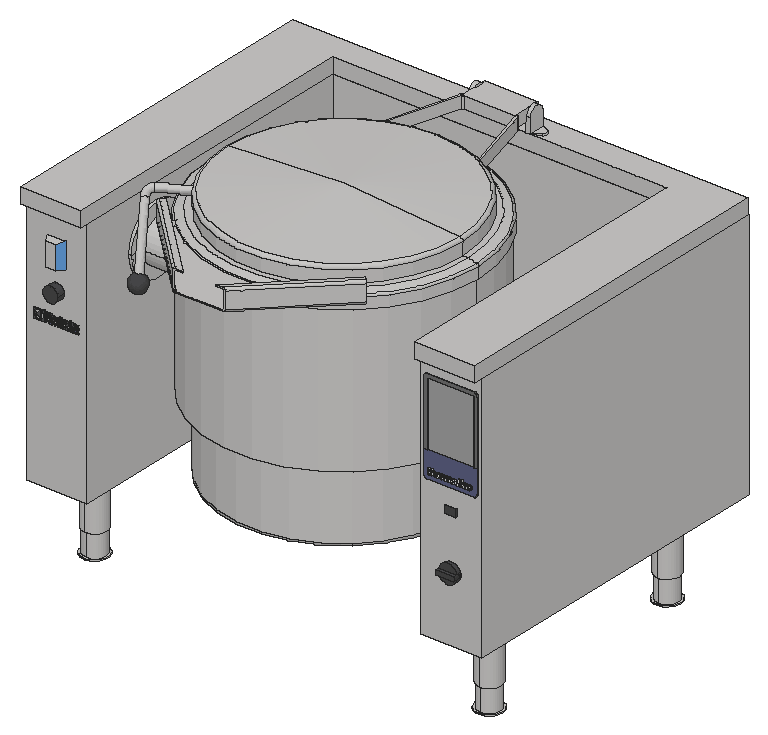
Revit family "QF_ELECTROLUXPROFESSIONAL_587102_PBOT10ECIO", category Attrezzature speciali, Revit 2020 (continued)
Definition of nested family "QF_ELECTROLUXPROFESSIONAL_PBOT900_LEFT"
  Automatic sketch dimensions
    Extrusion 5 sketch curve to plane 10 "TOP" = 290.598 mm
    Extrusion 5 sketch curve to Extrusion 5 sketch curve = 1.476 mm
    Extrusion 5 sketch curve to plane 10 "TOP" = 294.635 mm
    Extrusion 5 sketch curve to Extrusion 5 sketch curve = 1.469 mm
    Extrusion 5 sketch curve to Extrusion 5 sketch curve = 3.728 mm
    Extrusion 5 sketch curve to Extrusion 5 sketch curve = 0.046 mm
    Extrusion 5 sketch curve to Extrusion 5 sketch curve = 0.177 mm
    Extrusion 5 sketch curve to Extrusion 5 sketch curve = 0.947 mm
    Extrusion 5 sketch curve to Extrusion 5 sketch curve = 0.308 mm
    Extrusion 5 sketch curve to Extrusion 5 sketch curve = 0.091 mm
    Extrusion 5 sketch curve to Extrusion 5 sketch curve = 2.375 mm
    Extrusion 5 sketch curve to Extrusion 5 sketch curve = 0.94 mm
    Extrusion 5 sketch curve to Extrusion 5 sketch curve = 0.54 mm
    Extrusion 5 sketch curve to Extrusion 5 sketch curve = 0.102 mm
    Extrusion 5 sketch curve to Extrusion 5 sketch curve = 0.002 mm  (x4)
    Extrusion 5 sketch curve to Extrusion 5 sketch curve = 0.105 mm
    Extrusion 5 sketch curve to Extrusion 5 sketch curve = 0.097 mm
    Extrusion 5 sketch curve to Extrusion 5 sketch curve = 3.982 mm
    Extrusion 5 sketch curve to Extrusion 5 sketch curve = 0.17 mm
    Extrusion 5 sketch curve to Extrusion 5 sketch curve = 6.49 mm
    Extrusion 5 sketch curve to Extrusion 5 sketch curve = 1.777 mm
    Extrusion 5 sketch curve to plane 10 "TOP" = 296.072 mm
    Extrusion 5 sketch curve to Extrusion 5 sketch curve = 0.63 mm
    Extrusion 5 sketch curve to Extrusion 5 sketch curve = 1.001 mm
    Extrusion 5 sketch curve to plane 10 "TOP" = 294.678 mm
    Extrusion 5 sketch curve to Extrusion 5 sketch curve = 1.393 mm
    Extrusion 5 sketch curve to Extrusion 5 sketch curve = 2.363 mm
    Extrusion 5 sketch curve to Extrusion 5 sketch curve = 2.253 mm
    Extrusion 5 sketch curve to Extrusion 5 sketch curve = 0.014 mm  (x4)
    Extrusion 5 sketch curve to Extrusion 5 sketch curve = 0.172 mm
    Extrusion 5 sketch curve to Extrusion 5 sketch curve = 0.096 mm
    Extrusion 5 sketch curve to Extrusion 5 sketch curve = 0.164 mm
    Extrusion 5 sketch curve to Extrusion 5 sketch curve = 0.298 mm
    Extrusion 5 sketch curve to Extrusion 5 sketch curve = 0.247 mm
    Extrusion 5 sketch curve to Extrusion 5 sketch curve = 0.084 mm
    Extrusion 5 sketch curve to Extrusion 5 sketch curve = 6.484 mm
    Extrusion 5 sketch curve to Extrusion 5 sketch curve = 2.596 mm
    Extrusion 5 sketch curve to Extrusion 5 sketch curve = 0.059 mm  (x2)
    Extrusion 5 sketch curve to Extrusion 5 sketch curve = 3.889 mm
    Extrusion 5 sketch curve to plane 10 "TOP" = 307.979 mm
    Extrusion 5 sketch curve to Extrusion 5 sketch curve = 6.029 mm
    Extrusion 5 sketch curve to plane 10 "TOP" = 305.988 mm
    Extrusion 5 sketch curve to Extrusion 5 sketch curve = 0.929 mm
    Extrusion 5 sketch curve to Extrusion 5 sketch curve = 1.102 mm
    Extrusion 5 sketch curve to Extrusion 5 sketch curve = 0.756 mm  (x2)
    Extrusion 5 sketch curve to plane 10 "TOP" = 306.353 mm
    Extrusion 5 sketch curve to Extrusion 5 sketch curve = 0.852 mm
    Extrusion 5 sketch curve to Extrusion 5 sketch curve = 0.108 mm
    Extrusion 5 sketch curve to Extrusion 5 sketch curve = 0.101 mm
    Extrusion 5 sketch curve to Extrusion 5 sketch curve = 0.072 mm
    Extrusion 5 sketch curve to Extrusion 5 sketch curve = 1.67 mm
    Extrusion 5 sketch curve to Extrusion 5 sketch curve = 1.834 mm
    Extrusion 5 sketch curve to Extrusion 5 sketch curve = 0.366 mm
    Extrusion 5 sketch curve to Extrusion 5 sketch curve = 0.993 mm
    Extrusion 5 sketch curve to Extrusion 5 sketch curve = 0.81 mm
    Extrusion 5 sketch curve to Extrusion 5 sketch curve = 1.026 mm  (x2)
    Extrusion 5 sketch curve to Extrusion 5 sketch curve = 4.272 mm
    Extrusion 5 sketch curve to Extrusion 5 sketch curve = 0.163 mm
    Extrusion 5 sketch curve to Extrusion 5 sketch curve = 0.551 mm
    Extrusion 5 sketch curve to Extrusion 5 sketch curve = 6.11 mm
    Extrusion 5 sketch curve to Extrusion 5 sketch curve = 1.451 mm
    Extrusion 5 sketch curve to Extrusion 5 sketch curve = 5.217 mm
    Extrusion 5 sketch curve to Extrusion 5 sketch curve = 0.045 mm  (x2)
    Extrusion 5 sketch curve to Extrusion 5 sketch curve = 0.241 mm
    Extrusion 5 sketch curve to Extrusion 5 sketch curve = 0.039 mm
    Extrusion 5 sketch curve to Extrusion 5 sketch curve = 1.134 mm
    Extrusion 5 sketch curve to Extrusion 5 sketch curve = 2.351 mm
    Extrusion 5 sketch curve to Extrusion 5 sketch curve = 3.993 mm
    Extrusion 5 sketch curve to Extrusion 5 sketch curve = 10.128 mm
    Extrusion 5 sketch curve to Extrusion 5 sketch curve = 0.956 mm
    Extrusion 5 sketch curve to Extrusion 5 sketch curve = 1.263 mm
    Extrusion 5 sketch curve to Extrusion 5 sketch curve = 2.577 mm
    Extrusion 5 sketch curve to Extrusion 5 sketch curve = 0.243 mm
    Extrusion 5 sketch curve to Extrusion 5 sketch curve = 0.031 mm
    Extrusion 5 sketch curve to Extrusion 5 sketch curve = 7.148 mm
    Extrusion 5 sketch curve to Extrusion 5 sketch curve = 1.502 mm
    Extrusion 5 sketch curve to Extrusion 5 sketch curve = 11.54 mm
    Extrusion 5 sketch curve to Extrusion 5 sketch curve = 11.758 mm
    Extrusion 5 sketch curve to Extrusion 5 sketch curve = 4.097 mm
    Extrusion 5 sketch curve to Extrusion 5 sketch curve = 0.011 mm
    Extrusion 5 sketch curve to Extrusion 5 sketch curve = 4.488 mm
    Extrusion 5 sketch curve to Extrusion 5 sketch curve = 11.908 mm
    Extrusion 5 sketch curve to Extrusion 5 sketch curve = 2.236 mm
    Extrusion 5 sketch curve to Extrusion 5 sketch curve = 0.22 mm
    Extrusion 5 sketch curve to Extrusion 5 sketch curve = 0.319 mm
    Extrusion 5 sketch curve to Extrusion 5 sketch curve = 1.192 mm
    Extrusion 5 sketch curve to Extrusion 5 sketch curve = 3.577 mm  (x2)
    Extrusion 5 sketch curve to Extrusion 5 sketch curve = 3.444 mm  (x2)
    Extrusion 5 sketch curve to Extrusion 5 sketch curve = 1.626 mm  (x2)
    Extrusion 5 sketch curve to Extrusion 5 sketch curve = 2.021 mm
    Extrusion 5 sketch curve to Extrusion 5 sketch curve = 2.967 mm
    Extrusion 5 sketch curve to Extrusion 5 sketch curve = 1.22 mm
    Extrusion 5 sketch curve to Extrusion 5 sketch curve = 3.412 mm
    Extrusion 5 sketch curve to Extrusion 5 sketch curve = 0.892 mm  (x3)
    Extrusion 5 sketch curve to Extrusion 5 sketch curve = 0.58 mm  (x2)
    Extrusion 5 sketch curve to Extrusion 5 sketch curve = 2.117 mm
    Extrusion 5 sketch curve to Extrusion 5 sketch curve = 0.295 mm  (x2)
    Extrusion 5 sketch curve to Extrusion 5 sketch curve = 0.618 mm
    Extrusion 5 sketch curve to Extrusion 5 sketch curve = 1.65 mm
    Extrusion 5 sketch curve to Extrusion 5 sketch curve = 1.662 mm
    Extrusion 5 sketch curve to Extrusion 5 sketch curve = 0.013 mm  (x2)
    Extrusion 5 sketch curve to Extrusion 5 sketch curve = 0.292 mm
    Extrusion 5 sketch curve to Extrusion 5 sketch curve = 0.107 mm  (x2)
    Extrusion 5 sketch curve to Extrusion 5 sketch curve = 0.068 mm  (x2)
    Extrusion 5 sketch curve to Extrusion 5 sketch curve = 2.361 mm
    Extrusion 5 sketch curve to Extrusion 5 sketch curve = 2.359 mm
    Extrusion 5 sketch curve to Extrusion 5 sketch curve = 0.531 mm  (x2)
    Extrusion 5 sketch curve to Extrusion 5 sketch curve = 0.928 mm  (x2)
    Extrusion 5 sketch curve to Extrusion 5 sketch curve = 1.058 mm
    Extrusion 5 sketch curve to Extrusion 5 sketch curve = 0.297 mm  (x2)
    Extrusion 5 sketch curve to Extrusion 5 sketch curve = 0.155 mm  (x2)
    Extrusion 5 sketch curve to Extrusion 5 sketch curve = 0.182 mm  (x2)
    Extrusion 5 sketch curve to Extrusion 5 sketch curve = 0.607 mm  (x2)
    Extrusion 5 sketch curve to Extrusion 5 sketch curve = 0.372 mm  (x2)
    Extrusion 5 sketch curve to Extrusion 5 sketch curve = 0.016 mm  (x2)
    Extrusion 5 sketch curve to Extrusion 5 sketch curve = 0.996 mm
    Extrusion 5 sketch curve to Extrusion 5 sketch curve = 0.93 mm
    Extrusion 5 sketch curve to Extrusion 5 sketch curve = 0.709 mm  (x2)
    Extrusion 5 sketch curve to Extrusion 5 sketch curve = 1.017 mm
    Extrusion 5 sketch curve to Extrusion 5 sketch curve = 4.718 mm
    Extrusion 5 sketch curve to Extrusion 5 sketch curve = 0.891 mm
    Extrusion 5 sketch curve to Extrusion 5 sketch curve = 3.826 mm
    Extrusion 5 sketch curve to Extrusion 5 sketch curve = 0.954 mm
    Extrusion 5 sketch curve to Extrusion 5 sketch curve = 5.576 mm
    Extrusion 5 sketch curve to Extrusion 5 sketch curve = 5.661 mm  (x2)
    Extrusion 5 sketch curve to Extrusion 5 sketch curve = 0.006 mm
    Extrusion 5 sketch curve to Extrusion 5 sketch curve = 2.203 mm
    Extrusion 5 sketch curve to Extrusion 5 sketch curve = 2.21 mm
    Extrusion 5 sketch curve to Extrusion 5 sketch curve = 1.607 mm
    Extrusion 5 sketch curve to Extrusion 5 sketch curve = 3.92 mm
    Extrusion 5 sketch curve to Extrusion 5 sketch curve = 0.05 mm
    Extrusion 5 sketch curve to Extrusion 5 sketch curve = 1.776 mm
    Extrusion 5 sketch curve to Extrusion 5 sketch curve = 4.017 mm
    Extrusion 5 sketch curve to Extrusion 5 sketch curve = 0.196 mm  (x2)
    Extrusion 5 sketch curve to Extrusion 5 sketch curve = 0.19 mm
    Extrusion 5 sketch curve to Extrusion 5 sketch curve = 1.312 mm
    Extrusion 5 sketch curve to Extrusion 5 sketch curve = 0.146 mm
    Extrusion 5 sketch curve to Extrusion 5 sketch curve = 2.831 mm
    Extrusion 5 sketch curve to Extrusion 5 sketch curve = 0.387 mm
    Extrusion 5 sketch curve to Extrusion 5 sketch curve = 0.174 mm
    Extrusion 5 sketch curve to Extrusion 5 sketch curve = 4.623 mm
    Extrusion 5 sketch curve to Extrusion 5 sketch curve = 1.754 mm
    Extrusion 5 sketch curve to Extrusion 5 sketch curve = 0.188 mm
    Extrusion 5 sketch curve to Extrusion 5 sketch curve = 0.02 mm
    Extrusion 5 sketch curve to Extrusion 5 sketch curve = 0.313 mm
    Extrusion 5 sketch curve to Extrusion 5 sketch curve = 0.12 mm
    Extrusion 5 sketch curve to Extrusion 5 sketch curve = 0.062 mm
    Extrusion 5 sketch curve to Extrusion 5 sketch curve = 0.568 mm
    Extrusion 5 sketch curve to Extrusion 5 sketch curve = 0.095 mm
    Extrusion 5 sketch curve to Extrusion 5 sketch curve = 0.357 mm
    Extrusion 5 sketch curve to Extrusion 5 sketch curve = 0.008 mm
    Extrusion 5 sketch curve to Extrusion 5 sketch curve = 0.36 mm
    Extrusion 5 sketch curve to Extrusion 5 sketch curve = 3.784 mm
    Extrusion 5 sketch curve to Extrusion 5 sketch curve = 1.654 mm
    Extrusion 5 sketch curve to Extrusion 5 sketch curve = 1.454 mm
    Extrusion 5 sketch curve to Extrusion 5 sketch curve = 3.429 mm
    Extrusion 5 sketch curve to Extrusion 5 sketch curve = 1.094 mm
    Extrusion 5 sketch curve to Extrusion 5 sketch curve = 2.218 mm
    Extrusion 5 sketch curve to Extrusion 5 sketch curve = 1.404 mm
    Extrusion 5 sketch curve to Extrusion 5 sketch curve = 5.959 mm
    Extrusion 5 sketch curve to Extrusion 5 sketch curve = 1.424 mm
    Extrusion 5 sketch curve to Extrusion 5 sketch curve = 3.23 mm
    Extrusion 5 sketch curve to Extrusion 5 sketch curve = 1.975 mm
    Extrusion 5 sketch curve to Extrusion 5 sketch curve = 3.779 mm
    Extrusion 5 sketch curve to Extrusion 5 sketch curve = 2.212 mm
    Extrusion 5 sketch curve to Extrusion 5 sketch curve = 3.78 mm
    Extrusion 5 sketch curve to Extrusion 5 sketch curve = 1.279 mm
    Extrusion 5 sketch curve to Extrusion 5 sketch curve = 1.343 mm  (x2)
    Extrusion 5 sketch curve to Extrusion 5 sketch curve = 1.353 mm  (x2)
    Extrusion 5 sketch curve to Extrusion 5 sketch curve = 0.027 mm  (x2)
    Extrusion 5 sketch curve to Extrusion 5 sketch curve = 0.395 mm  (x2)
    Extrusion 5 sketch curve to Extrusion 5 sketch curve = 0.329 mm  (x2)
    Extrusion 5 sketch curve to Extrusion 5 sketch curve = 0.425 mm  (x2)
    Extrusion 5 sketch curve to Extrusion 5 sketch curve = 0.051 mm  (x2)
    Extrusion 5 sketch curve to Extrusion 5 sketch curve = 0.495 mm  (x2)
    Extrusion 5 sketch curve to Extrusion 5 sketch curve = 0.267 mm  (x2)
    Extrusion 5 sketch curve to Extrusion 5 sketch curve = 1.4 mm
    Extrusion 5 sketch curve to Extrusion 5 sketch curve = 5.233 mm
    Extrusion 5 sketch curve to Extrusion 5 sketch curve = 2.062 mm
    Extrusion 6 sketch curve to plane 13 "HW_CW" = 0.0 mm  (x2)
    Extrusion 6 sketch curve to plane 15 = 0.0 mm
    Extrusion 6 sketch curve to plane 14 = 0.0 mm
    radius of Extrusion 2 sketch curve = 20.0 mm
    radius of Extrusion 3 sketch curve = 6.35 mm  (x2)
    radius of Extrusion 5 sketch curve = 2.453 mm
    radius of Extrusion 5 sketch curve = 1.557 mm
    radius of Extrusion 5 sketch curve = 1.468 mm
    radius of Extrusion 5 sketch curve = 2.451 mm
    radius of Extrusion 6 sketch curve = 5.0 mm  (x2)
Definition of nested family "QF_ELECTROLUXPROFESSIONAL_PBOT900_RIGHT"
  Parameters
    Width = 160.0 mm
    Right = Width / 2  # 80.0 mm
    Default Elevation = 0.0 mm
    Left = -Width / 2  # -80.0 mm
    Htop = 40.0 mm
    Height = 900.0 mm
    HBase = 200.0 mm
    EI_z = 250.0 mm
    EI_y = 239.0 mm
    Depth = 900.0 mm
    BorderFront = 20.0 mm
    Body Finish [instance] = none
  Reference planes
    plane 1 "Center (Front/Back)": y = 0
    plane 2: z = 0
    plane 3 "Center (Left/Right)": x = 0
    plane 4 "LEFT": x = -80
    plane 5 "RIGHT": x = 80
    plane 6 "BACK": y = 450
    plane 7 "FRONT": y = -450
    plane 8 "Base": z = 200
    plane 9 "TOP": z = 900
    plane 10 "BorderFront": y = -430
    plane 11: z = 860
    plane 12 "EI": z = 450
    plane 13: y = 211
  Forms (mm)
    Extrusion 1, solid
      sketch origin (0, 0, 0) x (1, 0, 0) y (0, 1, 0)
        loop
          line (-80, 450) -> (-80, -430) -> (80, -430) -> (80, 450) -> (-80, 450)
      from 860 to 200
    Extrusion 2, solid
      sketch origin (0, -430, 0) x (-1, 0, 0) y (0, 0, 1)
        loop
          line (59.714, 823.989) -> (-61.821, 823.989)
          arc (-61.821, 823.989) -> (-68.892, 821.06) -> (-71.821, 813.989) r 10
          line (-71.821, 813.989) -> (-71.821, 644.744) -> (-61.821, 644.744) -> (-61.821, 813.989) -> (59.714, 813.989) -> (59.714, 644.744) -> (69.714, 644.744) -> (69.714, 813.989)
          arc (69.714, 813.989) -> (66.786, 821.06) -> (59.714, 823.989) r 10
      from 0 to -3
    Extrusion 3, solid
      sketch origin (0, -430, 0) x (-1, 0, 0) y (0, 0, 1)
        loop
          circle (0, 375.28) r 25
      from 0 to -10
    Extrusion 4, solid
      sketch origin (0, -430, 0) x (-1, 0, 0) y (0, 0, 1)
        loop
          line (24.382, 380.806) -> (-24.382, 380.806)
          arc (-24.382, 380.806) -> (-25, 375.28) -> (-24.382, 369.753) r 25
          line (-24.382, 369.753) -> (24.382, 369.753)
          arc (24.382, 369.753) -> (25, 375.28) -> (24.382, 380.806) r 25
      from 0 to -20
    Extrusion 5, solid
      sketch origin (0, -430, 0) x (-1, 0, 0) y (0, 0, 1)
        loop
          line (69.714, 585) -> (69.714, 644.744) -> (-71.821, 644.744) -> (-71.821, 585)
          arc (-71.821, 585) -> (-68.892, 577.929) -> (-61.821, 575) r 10
          line (-61.821, 575) -> (59.714, 575)
          arc (59.714, 575) -> (66.786, 577.929) -> (69.714, 585) r 10
      from -3 to 0
    Extrusion 6, solid
      sketch origin (234.714, -430, 0) x (-1, 0, 0) y (0, 0, 1)
        loop
          line (294.429, 813.989) -> (172.894, 813.989) -> (172.894, 644.744) -> (294.429, 644.744) -> (294.429, 813.989)
      from 0 to -3
    Extrusion 7, solid
      sketch origin (0, -430, 0) x (-1, 0, 0) y (0, 0, 1)
        loop
          line (15, 530) -> (-15, 530) -> (-15, 510) -> (15, 510) -> (15, 530)
      from -1.6 to 0
    Extrusion 8, solid
      sketch origin (0, 450, 0) x (-1, 0, 0) y (0, 0, 1)
        loop
          circle (0, 450) r 5
      from 0 to 2
    Extrusion 9, solid
      sketch origin (0, 0, 200) x (0, 1, 0) y (-1, 0, 0)
        loop
          circle (211, 0) r 10
      from 0 to -3
  Lines and regions (mm)
    symbolic lines
      curve 1: line (-80, 450, 0) -> (80, 450, 0)
      curve 2: line (80, 450, 0) -> (80, -430, 0)
  Dimensions and locks
    "Width": plane 4 "LEFT" to plane 5 "RIGHT"
    equal spacing: plane 4 "LEFT", plane 3 "Center (Left/Right)", plane 5 "RIGHT"
    equal spacing: plane 6 "BACK", plane 1 "Center (Front/Back)", plane 7 "FRONT"
    "Depth": plane 6 "BACK" to plane 7 "FRONT"
    "BorderFront": plane 10 "BorderFront" to plane 7 "FRONT"
    "Htop": plane 9 "TOP" to plane 11
    "Height": plane 9 "TOP" to level
    "HBase": plane 8 "Base" to level
    Extrusion 4 sketch curve to Extrusion 4 sketch curve = 11.053 mm
    "EI_y": plane 6 "BACK" to plane 13
    "EI_z": plane 12 "EI" to plane 8 "Base"
    aligned and locked: level to plane 2
    aligned and locked: plane 10 "BorderFront" to Extrusion 1 sketch curve
    aligned and locked: plane 11 to Extrusion 1
    aligned and locked: Extrusion 1 to plane 8 "Base"
    aligned and locked: plane 4 "LEFT" to Extrusion 1 sketch curve
    aligned and locked: Extrusion 1 sketch curve to plane 5 "RIGHT"
    aligned and locked: Extrusion 1 sketch curve to plane 6 "BACK"
  Automatic sketch dimensions
    Extrusion 3 sketch curve to plane 3 "Center (Left/Right)" = 0.0 mm
    plane 8 "Base" to Extrusion 3 sketch curve = 175.28 mm
    Extrusion 4 sketch curve to Extrusion 4 sketch curve = 0.0 mm  (x3)
    Extrusion 4 sketch curve to plane 3 "Center (Left/Right)" = 0.0 mm
    plane 3 "Center (Left/Right)" to Extrusion 4 sketch curve = 24.382 mm
    Extrusion 4 sketch curve to plane 3 "Center (Left/Right)" = 24.382 mm
    plane 8 "Base" to Extrusion 4 sketch curve = 169.753 mm
    Extrusion 2 sketch curve to plane 5 "RIGHT" = 8.179 mm
    Extrusion 2 sketch curve to Extrusion 2 sketch curve = 10.0 mm  (x2)
    Extrusion 2 sketch curve to Extrusion 2 sketch curve = 0.0 mm  (x4)
    plane 4 "LEFT" to Extrusion 2 sketch curve = 20.286 mm
    Extrusion 2 sketch curve to plane 11 = 215.256 mm
    Extrusion 2 sketch curve to plane 11 = 46.011 mm
    Extrusion 5 sketch curve to plane 5 "RIGHT" = 8.179 mm
    plane 4 "LEFT" to Extrusion 5 sketch curve = 20.286 mm
    plane 4 "LEFT" to Extrusion 5 sketch curve = 10.286 mm
    Extrusion 5 sketch curve to plane 11 = 285.0 mm
    Extrusion 5 sketch curve to Extrusion 5 sketch curve = 59.744 mm
    Extrusion 5 sketch curve to Extrusion 5 sketch curve = 10.0 mm
    plane 4 "LEFT" to Extrusion 6 sketch curve = 20.286 mm
    Extrusion 6 sketch curve to plane 11 = 46.011 mm
    Extrusion 6 sketch curve to plane 5 "RIGHT" = 18.179 mm
    Extrusion 6 sketch curve to Extrusion 6 sketch curve = 169.244 mm
    Extrusion 8 sketch curve to plane 3 "Center (Left/Right)" = 0.0 mm
    Extrusion 8 sketch curve to plane 12 "EI" = 0.0 mm
    curve 1 to plane 4 "LEFT" = 0.0 mm
    curve 1 to plane 5 "RIGHT" = 0.0 mm
    curve 2 to plane 10 "BorderFront" = 0.0 mm
    curve 1 to plane 6 "BACK" = 0.0 mm
    plane 3 "Center (Left/Right)" to Extrusion 7 sketch curve = 15.0 mm
    Extrusion 7 sketch curve to plane 3 "Center (Left/Right)" = 15.0 mm
    plane 12 "EI" to Extrusion 7 sketch curve = 60.0 mm
    Extrusion 7 sketch curve to Extrusion 7 sketch curve = 20.0 mm
    Extrusion 9 sketch curve to plane 3 "Center (Left/Right)" = 0.0 mm
    Extrusion 9 sketch curve to plane 13 = 0.0 mm
    radius of Extrusion 3 sketch curve = 25.0 mm
    radius of Extrusion 8 sketch curve = 5.0 mm
    radius of Extrusion 9 sketch curve = 10.0 mm
  Nested families
    nested 1: "ELX_ThermaLine" at (-0.906, -433, 593.675) x (1, 0, 0) z (0, -1, 0), type "ELX_ThermaLine"
      with Show Logo yes, Material_Logo none
  Definition of nested family "ELX_ThermaLine"
    Parameters
      Show Logo [instance] = yes
      Material_Logo [instance] = none
      Default Elevation = 0.0 mm
    Reference planes
      plane 1 "Centro (Fronte/Retro)": y = 0
      plane 2: z = 0
      plane 3 "Centro (Sinistra/Destra)": x = 0
    Forms (mm)
      Extrusion 1, solid
        sketch origin (0, 0, 0) x (1, 0, 0) y (0, 1, 0)
          loop
            line (-1219.2, 1219.2) -> (-1219.2, -1219.2) -> (1219.2, -1219.2) -> (1219.2, 1219.2) -> (-1219.2, 1219.2)
        from 0 to -304.8
      Extrusion 2, solid
        sketch origin (0, 0, 0) x (1, 0, 0) y (0, 1, 0)
          loop
            line (-52.84, 4.345) -> (-50.793, 4.345) -> (-50.793, 6.716) -> (-52.84, 6.716) -> (-52.84, 10.788) -> (-55.901, 9.058) -> (-55.901, 6.716) -> (-57.324, 6.716) -> (-57.324, 4.345) -> (-55.901, 4.345) -> (-55.901, -1.637)
            arc (-55.901, -1.637) -> (-54.76, -4.355) -> (-51.88, -4.985) r 3.198
            line (-51.88, -4.985) -> (-50.444, -4.597) -> (-50.782, -2.189) -> (-51.765, -2.453)
            arc (-51.765, -2.453) -> (-52.506, -2.305) -> (-52.84, -1.628) r 0.854
            line (-52.84, -1.628) -> (-52.84, 4.345)
          loop
            line (-48.642, 11.198) -> (-48.642, -4.787) -> (-45.561, -4.787) -> (-45.561, 2.659)
            arc (-45.561, 2.659) -> (-44.379, 4.372) -> (-42.304, 4.523) r 2.408
            arc (-42.304, 4.523) -> (-41.484, 3.75) -> (-41.182, 2.665) r 2.099
            line (-41.182, 2.665) -> (-41.182, -4.787) -> (-38.117, -4.787) -> (-38.088, 2.166)
            arc (-38.088, 2.166) -> (-38.343, 3.963) -> (-39.021, 5.646) r 7.517
            arc (-39.021, 5.646) -> (-42.369, 6.971) -> (-45.561, 5.303) r 4.327
            line (-45.561, 5.303) -> (-45.561, 11.198) -> (-48.642, 11.198)
          loop
            arc (-28.196, 1.988) -> (-28.834, 3.893) -> (-30.683, 4.679) r 2.449
            arc (-30.683, 4.679) -> (-32.149, 3.674) -> (-32.711, 1.988) r 2.793
            line (-32.711, 1.988) -> (-28.196, 1.988)
          loop
            arc (-25.128, 0.121) -> (-26.074, 4.342) -> (-29.545, 6.923) r 6.212
            arc (-29.545, 6.923) -> (-33.021, 6.358) -> (-35.352, 3.718) r 5.232
            arc (-35.352, 3.718) -> (-35.918, 1.148) -> (-35.633, -1.468) r 8.117
            arc (-35.633, -1.468) -> (-34.524, -3.319) -> (-32.789, -4.603) r 5.523
            arc (-32.789, -4.603) -> (-28.402, -4.744) -> (-25.297, -1.641) r 5.523
            line (-25.297, -1.641) -> (-28.327, -1.106)
            arc (-28.327, -1.106) -> (-29.324, -2.396) -> (-30.951, -2.501) r 1.982
            arc (-30.951, -2.501) -> (-32.276, -1.475) -> (-32.789, 0.121) r 2.835
            line (-32.789, 0.121) -> (-25.128, 0.121)
          loop
            line (-22.733, -4.787) -> (-19.705, -4.787) -> (-19.705, 0)
            arc (-19.705, 0) -> (-19.663, 1.267) -> (-19.469, 2.521) r 10.557
            arc (-19.469, 2.521) -> (-18.189, 4.014) -> (-16.237, 3.761) r 2.069
            line (-16.237, 3.761) -> (-15.318, 6.433)
            arc (-15.318, 6.433) -> (-17.915, 6.783) -> (-19.931, 5.11) r 3.262
            line (-19.931, 5.11) -> (-19.931, 6.752) -> (-22.733, 6.752) -> (-22.733, -4.787)
          loop
            line (-14.233, 6.752) -> (-14.233, -4.787) -> (-11.135, -4.787) -> (-11.135, 1.783)
            arc (-11.135, 1.783) -> (-10.552, 3.635) -> (-8.862, 4.59) r 2.646
            arc (-8.862, 4.59) -> (-7.677, 3.931) -> (-7.234, 2.65) r 1.899
            line (-7.234, 2.65) -> (-7.234, -4.787) -> (-4.155, -4.787) -> (-4.155, 1.467)
            arc (-4.155, 1.467) -> (-3.845, 2.923) -> (-2.97, 4.128) r 3.581
            arc (-2.97, 4.128) -> (-1.581, 4.474) -> (-0.516, 3.516) r 1.525
            arc (-0.516, 3.516) -> (-0.324, 2.735) -> (-0.304, 1.931) r 3.735
            line (-0.304, 1.931) -> (-0.304, -4.787) -> (2.776, -4.787) -> (2.776, 3.096)
            arc (2.776, 3.096) -> (1.833, 5.68) -> (-0.612, 6.942) r 3.784
            arc (-0.612, 6.942) -> (-2.795, 6.596) -> (-4.513, 5.205) r 4.271
            arc (-4.513, 5.205) -> (-5.893, 6.457) -> (-7.686, 6.964) r 4.079
            arc (-7.686, 6.964) -> (-9.75, 6.555) -> (-11.39, 5.237) r 4.412
            line (-11.39, 5.237) -> (-11.39, 6.752) -> (-14.233, 6.752)
          loop
            line (5.334, 3.712) -> (8.069, 3.23)
            arc (8.069, 3.23) -> (10.312, 4.685) -> (12.137, 2.73) r 2.082
            line (12.137, 2.73) -> (8.171, 1.741)
            arc (8.171, 1.741) -> (6.593, 1.022) -> (5.378, -0.215) r 4.758
            arc (5.378, -0.215) -> (5.225, -1.991) -> (5.744, -3.697) r 4.711
            arc (5.744, -3.697) -> (7.301, -4.682) -> (9.118, -4.992) r 4.691
            arc (9.118, -4.992) -> (10.903, -4.593) -> (12.411, -3.558) r 4.818
            line (12.411, -3.558) -> (12.81, -4.787) -> (15.873, -4.787) -> (15.179, -2.652) -> (15.179, 3.25)
            arc (15.179, 3.25) -> (14.773, 5.146) -> (13.38, 6.496) r 3.336
            arc (13.38, 6.496) -> (10.765, 7.201) -> (8.091, 6.773) r 6.459
            arc (8.091, 6.773) -> (6.348, 5.57) -> (5.334, 3.712) r 4.569
          loop
            line (21.001, -4.787) -> (24.24, -4.787) -> (27.623, 11.127) -> (24.384, 11.127) -> (21.001, -4.787)
          loop
            line (27.273, -4.787) -> (30.332, -4.787) -> (32.777, 6.716) -> (29.718, 6.716) -> (27.273, -4.787)
          loop
            line (30.656, 11.127) -> (30.058, 8.314) -> (33.117, 8.314) -> (33.715, 11.127) -> (30.656, 11.127)
          loop
            line (33.431, -4.787) -> (36.649, -4.787) -> (38.261, 2.796)
            arc (38.261, 2.796) -> (39.644, 4.445) -> (41.791, 4.594) r 2.751
            arc (41.791, 4.594) -> (42.425, 3.729) -> (42.502, 2.659) r 1.936
            line (42.502, 2.659) -> (40.919, -4.787) -> (43.989, -4.787) -> (45.795, 3.712)
            arc (45.795, 3.712) -> (45.588, 5.458) -> (44.361, 6.716) r 2.734
            arc (44.361, 6.716) -> (41.222, 6.857) -> (38.516, 5.259) r 5.512
            line (38.516, 5.259) -> (38.826, 6.716) -> (35.876, 6.716) -> (33.431, -4.787)
          loop
            line (50.773, 1.934) -> (55.672, 1.934)
            arc (55.672, 1.934) -> (55.737, 2.919) -> (55.334, 3.821) r 2.051
            arc (55.334, 3.821) -> (53.773, 4.722) -> (52.024, 4.287) r 2.407
            arc (52.024, 4.287) -> (51.223, 3.203) -> (50.773, 1.934) r 4.566
          loop
            line (50.479, 0) -> (58.259, 0)
            arc (58.259, 0) -> (58.241, 3.53) -> (56.181, 6.396) r 5.8
            arc (56.181, 6.396) -> (52.577, 6.992) -> (49.395, 5.199) r 5.498
            arc (49.395, 5.199) -> (47.819, 2.372) -> (47.536, -0.853) r 7.747
            arc (47.536, -0.853) -> (48.406, -3.006) -> (50.236, -4.437) r 4.494
            arc (50.236, -4.437) -> (52.672, -4.934) -> (55.109, -4.437) r 6.224
            arc (55.109, -4.437) -> (56.76, -3.346) -> (57.916, -1.739) r 5.478
            line (57.916, -1.739) -> (55.129, -1.247)
            arc (55.129, -1.247) -> (53.897, -2.495) -> (52.149, -2.637) r 2.52
            arc (52.149, -2.637) -> (50.809, -1.638) -> (50.479, 0) r 2.336
          loop
            line (12.154, 0.755) -> (8.732, -0.098)
            arc (8.732, -0.098) -> (8.126, -1.288) -> (8.732, -2.478) r 1.471
            arc (8.732, -2.478) -> (10.437, -2.725) -> (11.827, -1.706) r 2.276
            arc (11.827, -1.706) -> (12.142, -0.496) -> (12.154, 0.755) r 5.123
        from 0 to 1.6
    Dimensions and locks
      aligned and locked: plane 2 to Extrusion 1
      aligned and locked: level to Extrusion 1
Definition of nested family "QF_ELECTROLUXPROFESSIONAL_2FEET_THL_120xH200"
  Parameters
    Width = 120.0 mm
    Right = Width / 2  # 60.0 mm
    Default Elevation = 0.0 mm
    Left = -Width / 2  # -60.0 mm
    Height = 200.0 mm
    HBase = Height - 15.0 mm  # 185.0 mm
    Depth = 880.0 mm
  Reference planes
    plane 1 "Center (Front/Back)": y = 0
    plane 2: z = 0
    plane 3 "Center (Left/Right)": x = 0
    plane 4 "LEFT": x = -60
    plane 5 "RIGHT": x = 60
    plane 6 "BACK": y = 440
    plane 7 "FRONT": y = -440
    plane 8 "Base": z = 185
    plane 9 "TOP": z = 200
    plane 10: y = 283
    plane 11: y = -304
    plane 12: y = 368
    plane 13: y = -388
    plane 14: x = -80
  Forms (mm)
    Extrusion 1, solid
      sketch origin (0, 0, 200) x (0, 1, 0) y (-1, 0, 0)
        loop
          line (368, 60) -> (-388, 60) -> (-388, -60) -> (368, -60) -> (368, 60)
      from 0 to -15
    Revolve 2, solid
      sketch origin (0, 0, 0) x (0, 1, 0) y (0, 0, 1)
        loop
          line (283, 0) -> (318, 0) -> (318, 2) -> (311.179, 2) -> (311.179, 63) -> (314.75, 63) -> (314.75, 185) -> (283, 185) -> (283, 0)
        axis (283, 185) -> (283, 0)
      angle from 0 to 360
    Revolve 3, solid
      sketch origin (0, 0, 0) x (0, 1, 0) y (0, 0, 1)
        loop
          line (-304, 185) -> (-304, 0) -> (-269, 0) -> (-269, 2) -> (-275.821, 2) -> (-275.821, 63) -> (-272.25, 63) -> (-272.25, 185) -> (-304, 185)
        axis (-304, 185) -> (-304, 0)
      angle from 0 to 360
  Dimensions and locks
    "Width": plane 4 "LEFT" to plane 5 "RIGHT"
    equal spacing: plane 4 "LEFT", plane 3 "Center (Left/Right)", plane 5 "RIGHT"
    equal spacing: plane 6 "BACK", plane 1 "Center (Front/Back)", plane 7 "FRONT"
    "Depth": plane 6 "BACK" to plane 7 "FRONT"
    "HBase": plane 8 "Base" to level
    "Height": plane 9 "TOP" to level
    locked: plane 6 "BACK" to plane 10 at 157
    locked: plane 10 to plane 11 at 587
    plane 6 "BACK" to plane 12 = 72.0 mm
    plane 13 to plane 7 "FRONT" = 52.0 mm
    plane 12 to plane 13 = 756.0 mm
    plane 14 to plane 3 "Center (Left/Right)" = 80.0 mm
    aligned and locked: level to plane 2
    aligned and locked: Extrusion 1 sketch curve to plane 5 "RIGHT"
    aligned and locked: plane 4 "LEFT" to Extrusion 1 sketch curve
    aligned and locked: Extrusion 1 to plane 8 "Base"
    aligned and locked: Extrusion 1 sketch curve to plane 12
    aligned and locked: plane 13 to Extrusion 1 sketch curve
  Automatic sketch dimensions
    Revolve 2 sketch curve to level = 0.0 mm
    Revolve 2 sketch curve to plane 10 = 0.0 mm  (x2)
    Revolve 2 sketch curve to plane 8 "Base" = 0.0 mm
    plane 10 to Revolve 2 sketch curve = 28.179 mm
    Revolve 2 sketch curve to Revolve 2 sketch curve = 31.75 mm
    Revolve 2 sketch curve to Revolve 2 sketch curve = 6.821 mm
    level to Revolve 2 sketch curve = 2.0 mm
    Revolve 2 sketch curve to Revolve 2 sketch curve = 61.0 mm
    Revolve 2 sketch curve to level = 50.0 mm
    plane 9 "TOP" to Revolve 2 sketch curve = 70.0 mm
    Revolve 3 sketch curve to plane 11 = 0.0 mm
    Revolve 3 sketch curve to level = 0.0 mm
    Revolve 3 sketch curve to plane 10 = 587.0 mm
    Revolve 3 sketch curve to plane 8 "Base" = 0.0 mm
    Revolve 3 sketch curve to plane 10 = 558.821 mm
    Revolve 3 sketch curve to Revolve 3 sketch curve = 3.571 mm
    Revolve 3 sketch curve to Revolve 3 sketch curve = 6.821 mm
    level to Revolve 3 sketch curve = 2.0 mm
    Revolve 3 sketch curve to Revolve 3 sketch curve = 61.0 mm
    Revolve 3 sketch curve to level = 180.0 mm
    plane 9 "TOP" to Revolve 3 sketch curve = 205.0 mm
Definition of nested family "QF_ELECTROLUXPROFESSIONAL_PBOT900_LEVEL1"
  Parameters
    Default Elevation = 0.0 mm
    Assembly Code = ""
  Reference planes
    plane 1 "Center (Front/Back)": y = 0
    plane 2: z = 0
    plane 3 "Center (Left/Right)": x = 0
  Forms (mm)
    Sweep 1, solid
      path origin (0, 0, 0) x (1, 0, 0) y (0, 0.5, 0.866025)
        loop
          line (0, 0) -> (-80, 0)
          arc (-80, 0) -> (-94.142, -5.858) -> (-100, -20) r 20
          line (-100, -20) -> (-100, -200)
      profile origin (-40, 0, 0) x (0, -0.5, -0.866025) y (0, -0.866025, 0.5)
        loop
          circle (0, 0) r 9
    Revolve 2, solid
      sketch origin (-20, 0, 0) x (1, 0, 0) y (0, 0.5, 0.866025)
        loop
          arc (-57.5, -200) -> (-80, -177.5) -> (-102.5, -200) r 22.5
          line (-102.5, -200) -> (-57.5, -200)
        axis (-102.5, -200) -> (-57.5, -200)
      angle from 0 to 360
  Lines and regions (mm)
    symbolic lines
      curve 1: line (0, -9, 0) -> (-80, -9, 0)
      curve 2: line (0, 9, 0) -> (-80, 9, 0)
      curve 3: line (-91, -80, 0) -> (-91, -15, 0)
      curve 4: line (-109, -80, 0) -> (-109, -10, 0)
      curve 5: arc (-109, -10, 0) -> (-97.335, 3.827, 0) -> (-80, 9, 0) r 31.632
      curve 6: arc (-91, -15, 0) -> (-86.265, -10.598, 0) -> (-80, -9, 0) r 13.083
      curve 7: spline (-77.953, -100, 0) -> (-78.704, -94.175, 0) -> (-80.907, -88.747, 0) -> (-84.41, -84.087, 0) -> (-88.977, -80.51, 0) -> (-94.294, -78.262, 0) -> (-100, -77.495, 0) -> (-105.706, -78.262, 0) -> (-111.023, -80.51, 0) -> (-115.59, -84.087, 0) -> (-119.093, -88.747, 0) -> (-121.296, -94.175, 0) -> (-122.047, -100, 0) -> (-121.296, -105.825, 0) -> (-119.093, -111.253, 0) -> (-115.59, -115.913, 0) -> (-111.023, -119.49, 0) -> (-105.706, -121.738, 0) -> (-100, -122.505, 0) -> (-94.294, -121.738, 0) -> (-88.977, -119.49, 0) -> (-84.41, -115.913, 0) -> (-80.907, -111.253, 0) -> (-78.704, -105.825, 0) -> (-77.953, -100, 0)
  Dimensions and locks
    aligned and locked: level to plane 2
